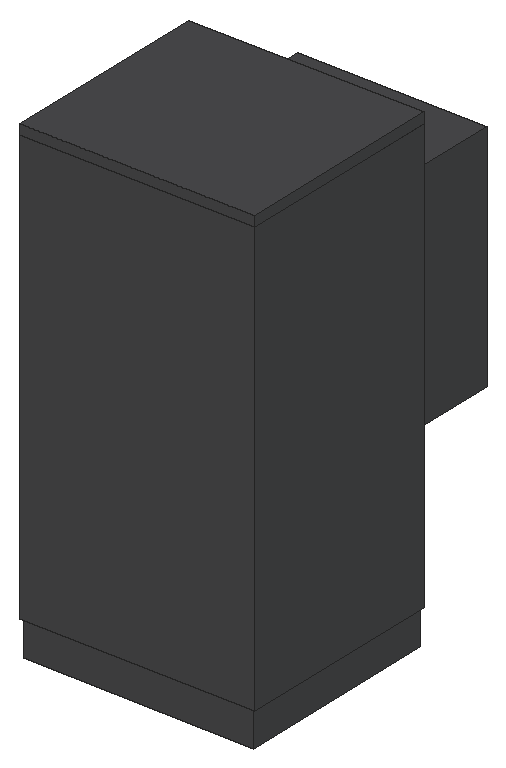
Revit family "LED QUADRATE 01_AM18W.2.12", category Luminarias, Revit 2019
Family settings
  Cota de conector redondo = Diámetro de uso
  Tipo de pieza = Normal
  Se basa en plano de trabajo = Sí
  Siempre vertical = No
  Corte con vacíos al cargar = No
  Origen de luz = Sí
  Compartido = No
  Punto de cálculo de habitación = No
Parameters (values of type "LED QUADRATE 01_AM18W.2.12")
  Ángulo de inclinación = 60.00°
  Zone [instance] = ""
  Watt per fixture = 20
  Wattage = 20 W
  built-in parameter 1150107 = 3000 (stored number, unit not read)
  built-in parameter 1150110 = 1 (stored number, unit not read)
  built-in parameter 1150109 = 1 (stored number, unit not read)
  built-in parameter 1150112 = 1 (stored number, unit not read)
  built-in parameter 1150113 = 1 (stored number, unit not read)
  built-in parameter 1114218 = 1 (stored number, unit not read)
  Keynote = ""
  built-in parameter 1150137 = (empty or 0)
  built-in parameter 1150132 = (empty or 0)
  Modelo = "AM18W.2.12"
  Lámpara = "NICHIA"
  built-in parameter 1150105 = 135.68 (stored number, unit not read)
  built-in parameter 1150102 = (empty or 0)
  built-in parameter 1150106 = 1.3568 (stored number, unit not read)
  Lumens = 1705 lm
  Color Filter = 16777215
  built-in parameter 1114217 = 1 (stored number, unit not read)
  built-in parameter 1150139 = (empty or 0)
  Fabricante = "BRILLANT"
  Default Elevation = 0 mm
  built-in parameter 1150104 = 7.92 (stored number, unit not read)
  Descripción = "LUMINARIA DIRIGIBLE TIPO ARBOTANTE, DE MATERIAL EN ALUMINIO FUNDIDO A PRESION CUBIERTO CON POLVO GRIS OSCURO Y VIDRIO DE 3MM, CON UN PESO DE 2.5KG, CON 1 LED TIPO NICHIA Y UNA POTENCIA TOTAL DE 20W, 1705 LUMENES, TEMPERATURA EN BLANCO CALIDO 3000K, IRC 80, IP 65, APERTURA DE 12 GRADOS POR PROYECTO, CORRIENTE DE OPERACIÓN 178mA, CABLE DE 0.3M, ALIMENTADO A 100-277VAC"
  built-in parameter 1150115 = 1 (stored number, unit not read)
  built-in parameter 1150114 = 1 (stored number, unit not read)
  Comentarios de vataje = "100-277V"
  built-in parameter 1150138 = (empty or 0)
  built-in parameter 1150134 = (empty or 0)
  Circuit [instance] = ""
  Dimming Lamp Color Temperature Shift = (empty or 0)
  Archivo de red fotométrica = "AM18W.2_12°.IES"
  built-in parameter 1150133 = 10 (stored number, unit not read)
Reference planes
  plane 1 "Centro (Frontal/Posterior)": y = 0
  plane 2: z = 0
  plane 3 "Centro (Izquierda/Derecha)": x = 0
Forms (mm)
  Revolve 1, solid, material "Cristal", not visible
    sketch origin (-152, 0, 0) x (0, 1, 0) y (0, 0, -1)
      loop
        line (0, -8.749) -> (0, -7.25) -> (-1.499, -7.25)
        arc (-1.499, -7.25) -> (-1.06, -8.31) -> (0, -8.749) r 1.499
      axis (0, -7.25) -> (-1.499, -7.25)
    angle from 0 to 360
  Revolve 2, solid, material "Cristal", not visible
    sketch origin (-136, 0, 0) x (0, 1, 0) y (0, 0, -1)
      loop
        line (0, -8.749) -> (0, -7.25) -> (-1.499, -7.25)
        arc (-1.499, -7.25) -> (-1.06, -8.31) -> (0, -8.749) r 1.499
      axis (0, -7.25) -> (-1.499, -7.25)
    angle from 0 to 360
  Revolve 3, solid, material "Cristal", not visible
    sketch origin (-120, 0, 0) x (0, 1, 0) y (0, 0, -1)
      loop
        line (0, -8.749) -> (0, -7.25) -> (-1.499, -7.25)
        arc (-1.499, -7.25) -> (-1.06, -8.31) -> (0, -8.749) r 1.499
      axis (0, -7.25) -> (-1.499, -7.25)
    angle from 0 to 360
  Revolve 4, solid, material "Cristal", not visible
    sketch origin (-104, 0, 0) x (0, 1, 0) y (0, 0, -1)
      loop
        line (0, -8.749) -> (0, -7.25) -> (-1.499, -7.25)
        arc (-1.499, -7.25) -> (-1.06, -8.31) -> (0, -8.749) r 1.499
      axis (0, -7.25) -> (-1.499, -7.25)
    angle from 0 to 360
  Revolve 5, solid, material "Cristal", not visible
    sketch origin (-88, 0, 0) x (0, 1, 0) y (0, 0, -1)
      loop
        line (0, -8.749) -> (0, -7.25) -> (-1.499, -7.25)
        arc (-1.499, -7.25) -> (-1.06, -8.31) -> (0, -8.749) r 1.499
      axis (0, -7.25) -> (-1.499, -7.25)
    angle from 0 to 360
  Revolve 6, solid, material "Cristal", not visible
    sketch origin (-72, 0, 0) x (0, 1, 0) y (0, 0, -1)
      loop
        line (0, -8.749) -> (0, -7.25) -> (-1.499, -7.25)
        arc (-1.499, -7.25) -> (-1.06, -8.31) -> (0, -8.749) r 1.499
      axis (0, -7.25) -> (-1.499, -7.25)
    angle from 0 to 360
  Revolve 7, solid, material "Cristal", not visible
    sketch origin (-56, 0, 0) x (0, 1, 0) y (0, 0, -1)
      loop
        line (0, -8.749) -> (0, -7.25) -> (-1.499, -7.25)
        arc (-1.499, -7.25) -> (-1.06, -8.31) -> (0, -8.749) r 1.499
      axis (0, -7.25) -> (-1.499, -7.25)
    angle from 0 to 360
  Revolve 8, solid, material "Cristal", not visible
    sketch origin (-40, 0, 0) x (0, 1, 0) y (0, 0, -1)
      loop
        line (0, -8.749) -> (0, -7.25) -> (-1.499, -7.25)
        arc (-1.499, -7.25) -> (-1.06, -8.31) -> (0, -8.749) r 1.499
      axis (0, -7.25) -> (-1.499, -7.25)
    angle from 0 to 360
  Revolve 9, solid, material "Cristal", not visible
    sketch origin (-24, 0, 0) x (0, 1, 0) y (0, 0, -1)
      loop
        line (0, -8.749) -> (0, -7.25) -> (-1.499, -7.25)
        arc (-1.499, -7.25) -> (-1.06, -8.31) -> (0, -8.749) r 1.499
      axis (0, -7.25) -> (-1.499, -7.25)
    angle from 0 to 360
  Revolve 10, solid, material "Cristal", not visible
    sketch origin (-8, 0, 0) x (0, 1, 0) y (0, 0, -1)
      loop
        line (0, -8.749) -> (0, -7.25) -> (-1.499, -7.25)
        arc (-1.499, -7.25) -> (-1.06, -8.31) -> (0, -8.749) r 1.499
      axis (0, -7.25) -> (-1.499, -7.25)
    angle from 0 to 360
  Revolve 11, solid, material "Cristal", not visible
    sketch origin (8, 0, 0) x (0, 1, 0) y (0, 0, -1)
      loop
        line (0, -8.749) -> (0, -7.25) -> (-1.499, -7.25)
        arc (-1.499, -7.25) -> (-1.06, -8.31) -> (0, -8.749) r 1.499
      axis (0, -7.25) -> (-1.499, -7.25)
    angle from 0 to 360
  Revolve 12, solid, material "Cristal", not visible
    sketch origin (24, 0, 0) x (0, 1, 0) y (0, 0, -1)
      loop
        line (0, -8.749) -> (0, -7.25) -> (-1.499, -7.25)
        arc (-1.499, -7.25) -> (-1.06, -8.31) -> (0, -8.749) r 1.499
      axis (0, -7.25) -> (-1.499, -7.25)
    angle from 0 to 360
  Revolve 13, solid, material "Cristal", not visible
    sketch origin (40, 0, 0) x (0, 1, 0) y (0, 0, -1)
      loop
        line (0, -8.749) -> (0, -7.25) -> (-1.499, -7.25)
        arc (-1.499, -7.25) -> (-1.06, -8.31) -> (0, -8.749) r 1.499
      axis (0, -7.25) -> (-1.499, -7.25)
    angle from 0 to 360
  Revolve 14, solid, material "Cristal", not visible
    sketch origin (56, 0, 0) x (0, 1, 0) y (0, 0, -1)
      loop
        line (0, -8.749) -> (0, -7.25) -> (-1.499, -7.25)
        arc (-1.499, -7.25) -> (-1.06, -8.31) -> (0, -8.749) r 1.499
      axis (0, -7.25) -> (-1.499, -7.25)
    angle from 0 to 360
  Revolve 15, solid, material "Cristal", not visible
    sketch origin (72, 0, 0) x (0, 1, 0) y (0, 0, -1)
      loop
        line (0, -8.749) -> (0, -7.25) -> (-1.499, -7.25)
        arc (-1.499, -7.25) -> (-1.06, -8.31) -> (0, -8.749) r 1.499
      axis (0, -7.25) -> (-1.499, -7.25)
    angle from 0 to 360
  Revolve 16, solid, material "Cristal", not visible
    sketch origin (88, 0, 0) x (0, 1, 0) y (0, 0, -1)
      loop
        line (0, -8.749) -> (0, -7.25) -> (-1.499, -7.25)
        arc (-1.499, -7.25) -> (-1.06, -8.31) -> (0, -8.749) r 1.499
      axis (0, -7.25) -> (-1.499, -7.25)
    angle from 0 to 360
  Revolve 17, solid, material "Cristal", not visible
    sketch origin (104, 0, 0) x (0, 1, 0) y (0, 0, -1)
      loop
        line (0, -8.749) -> (0, -7.25) -> (-1.499, -7.25)
        arc (-1.499, -7.25) -> (-1.06, -8.31) -> (0, -8.749) r 1.499
      axis (0, -7.25) -> (-1.499, -7.25)
    angle from 0 to 360
  Revolve 18, solid, material "Cristal", not visible
    sketch origin (120, 0, 0) x (0, 1, 0) y (0, 0, -1)
      loop
        line (0, -8.749) -> (0, -7.25) -> (-1.499, -7.25)
        arc (-1.499, -7.25) -> (-1.06, -8.31) -> (0, -8.749) r 1.499
      axis (0, -7.25) -> (-1.499, -7.25)
    angle from 0 to 360
  Revolve 19, solid, material "Cristal", not visible
    sketch origin (136, 0, 0) x (0, 1, 0) y (0, 0, -1)
      loop
        line (0, -8.749) -> (0, -7.25) -> (-1.499, -7.25)
        arc (-1.499, -7.25) -> (-1.06, -8.31) -> (0, -8.749) r 1.499
      axis (0, -7.25) -> (-1.499, -7.25)
    angle from 0 to 360
  Revolve 20, solid, material "Cristal", not visible
    sketch origin (152, 0, 0) x (0, 1, 0) y (0, 0, -1)
      loop
        line (0, -8.749) -> (0, -7.25) -> (-1.499, -7.25)
        arc (-1.499, -7.25) -> (-1.06, -8.31) -> (0, -8.749) r 1.499
      axis (0, -7.25) -> (-1.499, -7.25)
    angle from 0 to 360
  Extrusion 21, solid, material "Default Form"
    sketch origin (0, -22.645, 0) x (1, 0, 0) y (0, 1, 0)
      loop
        line (-50, -23.355) -> (-50, -113.355) -> (50, -113.355) -> (50, -23.355) -> (-50, -23.355)
    from 0 to 199.955
  Extrusion 22, void
    sketch origin (0, -22.645, 0) x (1, 0, 0) y (0, 1, 0)
      loop
        line (-42.5, -28.071) -> (-42.5, -105.586) -> (42.5, -105.586) -> (42.5, -28.071) -> (-42.5, -28.071)
    from 0 to 8.669
  Extrusion 23, solid, material "Cristal"
    sketch origin (0, -46, -127.046) x (0, -1, 0) y (1, 0, 0)
      loop
        line (4.715, -42.5) -> (82.231, -42.5) -> (82.231, 42.5) -> (4.715, 42.5) -> (4.715, -42.5)
    from 127.046 to 130.208
  Extrusion 24, void
    sketch origin (0, -46, -129.011) x (0, -1, 0) y (1, 0, 0)
      loop
        circle (3.34, -47.069) r 1.481
      loop
        circle (3.34, 47.069) r 1.481
      loop
        circle (86.66, -47.069) r 1.481
      loop
        circle (86.66, 47.069) r 1.481
    from 129.011 to 130.208
  Extrusion 25, solid, material "Acero Inoxidable"
    sketch origin (0, -46, 0) x (1, 0, 0) y (0, 1, 0)
      loop
        circle (-47.069, -3.34) r 1.228
      loop
        line (-48.018, -3.34) -> (-47.544, -4.162) -> (-46.595, -4.162) -> (-46.121, -3.34) -> (-46.595, -2.519) -> (-47.544, -2.519) -> (-48.018, -3.34)
      loop
        circle (47.069, -3.34) r 1.228
      loop
        line (46.121, -3.34) -> (46.595, -4.162) -> (47.544, -4.162) -> (48.018, -3.34) -> (47.544, -2.519) -> (46.595, -2.519) -> (46.121, -3.34)
      loop
        circle (47.069, -86.66) r 1.228
      loop
        line (46.121, -86.66) -> (46.595, -87.481) -> (47.544, -87.481) -> (48.018, -86.66) -> (47.544, -85.838) -> (46.595, -85.838) -> (46.121, -86.66)
      loop
        circle (-47.069, -86.66) r 1.228
      loop
        line (-48.018, -86.66) -> (-47.544, -87.481) -> (-46.595, -87.481) -> (-46.121, -86.66) -> (-46.595, -85.838) -> (-47.544, -85.838) -> (-48.018, -86.66)
    from 0 to 1.197
  Extrusion 26, solid, material "Default Form"
    sketch origin (0, 0, 0) x (1, 0, 0) y (0, 1, 0)
      loop
        line (-40.142, -46) -> (40.142, -46) -> (40.142, 0) -> (-40.142, 0) -> (-40.142, -46)
    from 75.478 to 175.085
  Extrusion 27, solid, material "Default Form"
    sketch origin (0, 0, 0) x (1, 0, 0) y (0, 1, 0)
      loop
        line (-50, -46) -> (-50, -136) -> (50, -136) -> (50, -46) -> (-50, -46)
    from 199.955 to 204.234
  Extrusion 28, void
    sketch origin (0, 0, 0) x (1, 0, 0) y (0, 1, 0)
      loop
        line (-52.9, -44.226) -> (-52.9, -139.226) -> (52.893, -139.226) -> (52.893, -44.226) -> (-52.9, -44.226)
      loop
        line (-49.2, -46.8) -> (-49.2, -135.2) -> (49.2, -135.2) -> (49.2, -46.8) -> (-49.2, -46.8)
    from 0 to 15
  Revolve 29, void
    sketch origin (0, -89.473, 0) x (1, 0, 0) y (0, 0, -1)
      loop
        spline (0, -15) -> (2.98, -14.946) -> (5.908, -14.784) -> (8.736, -14.518) -> (11.414, -14.152) -> (13.897, -13.692) -> (16.142, -13.146) -> (18.111, -12.523) -> (19.77, -11.834) -> (21.091, -11.092) -> (22.051, -10.307) -> (22.633, -9.495) -> (22.829, -8.669)
        line (22.829, -8.669) -> (0, -8.669) -> (0, -15)
      axis (0, -8.669) -> (0, -15)
    angle from 0 to 360
Cuts and joins
  Extrusion 22, Extrusion 24, Extrusion 28, Revolve 29 cuts Extrusion 21
Lines and regions (mm)
  model lines
    curve 1: line (0, -136, 0) -> (0, 0, 0)
Dimensions and locks
  equal spacing: Extrusion 21 sketch curve, plane 3 "Centro (Izquierda/Derecha)", Extrusion 21 sketch curve
  Extrusion 21 sketch curve to plane 3 "Centro (Izquierda/Derecha)" = 50 mm
  Extrusion 21 sketch curve to Extrusion 21 sketch curve = 90 mm
  cut or joined group of Extrusion 21, Extrusion 22, Extrusion 24, Extrusion 28, Revolve 29 to cut or joined group of Extrusion 21, Extrusion 22, Extrusion 24, Extrusion 28, Revolve 29 = 199.955 mm
  cut or joined group of Extrusion 21, Extrusion 22, Extrusion 24, Extrusion 28, Revolve 29 to cut or joined group of Extrusion 21, Extrusion 22, Extrusion 24, Extrusion 28, Revolve 29 = 100 mm
  cut or joined group of Extrusion 21, Extrusion 22, Extrusion 24, Extrusion 28, Revolve 29 to cut or joined group of Extrusion 21, Extrusion 22, Extrusion 24, Extrusion 28, Revolve 29 = 90 mm
  equal spacing: Extrusion 26 sketch curve, curve 1, Extrusion 26 sketch curve
  Extrusion 26 to Extrusion 26 = 99.607 mm
  locked: Extrusion 27 to Extrusion 27 at 4.279
  aligned and locked: level to plane 2
  aligned and locked: cut or joined group of Extrusion 21, Extrusion 22, Extrusion 24, Extrusion 28, Revolve 29 to Extrusion 25
  aligned and locked: Extrusion 27 sketch curve to cut or joined group of Extrusion 21, Extrusion 22, Extrusion 24, Extrusion 28, Revolve 29  (x4)
  aligned and locked: Extrusion 21 to Extrusion 27
Connectors
  electrical at (0, 0, 125.282)
    settings: on Extrusion 26, index 1, voltage 277 V, apparent load 0 VA, apparent load phase1 0 VA, apparent load phase2 0 VA, apparent load phase3 0 VA, power factor 1, load classification "Otro", number of poles 1, system type 31, power factor state 1, is connector primary yes, connector utility no, sub classification motor no, connector description ""
